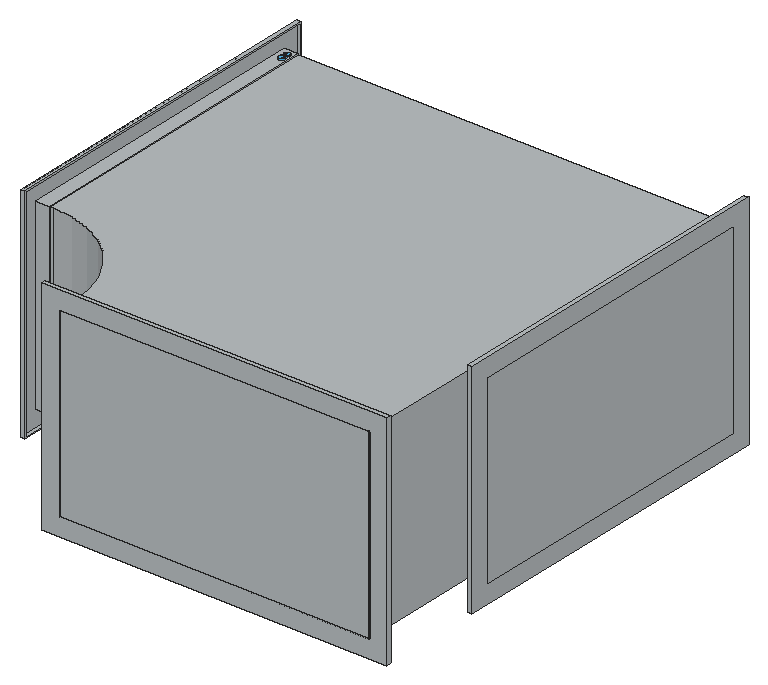
Revit family "NLRS_57_DUF_UN_rechthoekig-radius-T-stuk-inline_nijburg", category Duct Fittings, Revit 2020
Family settings
  Round Connector Dimension = Use Diameter
  Part Type = Tee
  Work Plane-Based = No
  Always vertical = Yes
  Cut with Voids When Loaded = No
  Shared = No
Parameters (values of type "R=170 (std)")
  built-in parameter 1114242 [instance] = 1 = 0  # (empty or 0)
  URL = "https://nijburg-klimaattechniek.nl/oplossingen/rechthoekige-kanalen/"
  Type Comments = ""  # constant formula
  NPR_c03_recht [instance] = 30 mm
  NPR_c02_recht [instance] = 30 mm
  NPR_c01_recht [instance] = 30 mm
  NPR_S3 [instance] = if(NPR_c03_recht < 30 mm, 30 mm, NPR_c03_recht)  # 30 mm
  NPR_S2 [instance] = if(NPR_c02_recht < 30 mm, 30 mm, NPR_c02_recht)  # 30 mm
  NPR_S1 [instance] = if(NPR_c01_recht < 30 mm, 30 mm, NPR_c01_recht)  # 30 mm
  NPR_Radius = 170 mm
  NPR_Luka_m² [instance] = ((NLRS_M_c01_breedte + NLRS_M_c01_hoogte) * 2 * NPR_L1) + ((NLRS_M_c03_breedte + NLRS_M_c03_hoogte) * 2 * (NPR_L2 + (NLRS_M_c02_breedte / 2)))  # 1.888 m²
  NPR_L2 [instance] = NPR_S3 + NPR_Radius  # 200 mm
  NPR_L1 [instance] = NPR_S1 + NPR_Radius + NLRS_M_c03_breedte + NPR_S2  # 730 mm
  NPR_Artikelcode = "RHKV"  # constant formula
  NLRS_M_c03_hoogte [instance] = NLRS_M_c01_hoogte  # 300 mm
  NLRS_M_c03_breedte [instance] = 500 mm
  NLRS_M_c02_hoogte [instance] = NLRS_M_c01_hoogte  # 300 mm
  NLRS_M_c02_breedte [instance] = NLRS_M_c01_breedte  # 500 mm
  NLRS_M_c01_hoogte [instance] = 300 mm
  NLRS_M_c01_breedte [instance] = 500 mm
  NLRS_C_model = Model  # "T-stuk inlne"
  NLRS_C_description = Description  # "Rechthoekig Radius T-stuk inline"
  NLRS_C_content_versie = "1.20.00"  # constant formula
  NLRS_C_content_provider = "Nijburg Klimaattechniek BV"  # constant formula
  NLRS_C_content_datum_gewijzigd = "05-05-2023"  # constant formula
  NLRS_C_content_creator = "J.Feeke"  # constant formula
  Model = "T-stuk inlne"  # constant formula
  Manufacturer = "Nijburg Klimaattechniek BV"  # constant formula
  Description = "Rechthoekig Radius T-stuk inline"  # constant formula
  Default Elevation = 0 mm
  Assembly Code = "57.70"
Types (5, lengths in mm): name | NPR_Radius | NPR_Luka_m² | NPR_L2 | NPR_L1 | NLRS_M_c03_breedte | NLRS_M_c02_breedte | NLRS_M_c01_breedte
  (no name) | 170 | 1.888 m² | 200 | 730 | 500 | 500 | 500
  R=170 (std) | 170 | 1.888 m² | 200 | 730 | 500 | 500 | 500
  R=100 | 100 | 2.952 m² | 130 | 860 | 700 | 800 | 800
  R=120 | 120 | 3.036 m² | 150 | 880 | 700 | 800 | 800
  R=150 | 150 | 3.162 m² | 180 | 910 | 700 | 800 | 800
Reference planes
  plane 1 "Center (Front/Back)": y = 0
  plane 2: z = 0
  plane 3 "Center (Left/Right)": x = 0
  plane 4: y = 250
  plane 5: y = -250
  plane 6: y = -250
  plane 7: y = 250
  plane 8: x = -250
  plane 9: x = 250
  plane 10: y = 0
  plane 11: x = -450
  plane 12: x = 280
  plane 13: y = -450
  plane 14: x = -420
  plane 15: x = 250
  plane 16: y = -420
  plane 17 "Top": z = 150
  plane 18 "Bottom": z = -150
Forms (mm)
  Extrusion 1, solid, material "NLRS_57_sendzimir verzinkt_gen_sacs"
    sketch origin (0, 0, 0) x (1, 0, 0) y (0, 1, 0)
      loop
        line (-450, 250) -> (-450, -250) -> (-420, -250)
        arc (-420, -250) -> (-299.792, -299.792) -> (-250, -420) r 170
        line (-250, -420) -> (-250, -450) -> (250, -450) -> (250, -250) -> (280, -250) -> (280, 250) -> (250, 250) -> (-420, 250) -> (-450, 250)
    from -150 to 150
  Sweep 2, solid, material "NLRS_57_sendzimir verzinkt_gen_sacs"
    path in 3D
      loop
        line (250, -450, 150) -> (250, -450, -150) -> (-250, -450, -150) -> (-250, -450, 150) -> (250, -450, 150)
    profile "DW_Profile : Kanaal" origin (0, -450, 150) x (0, 1, 0) y (0, 0, 1)
      loop
        line (25, 0) -> (25, 1) -> (1, 1) -> (1, 28) -> (7.5, 28) -> (7.5, 29) -> (0, 29) -> (0, 0) -> (25, 0)
  Sweep 3, solid, material "NLRS_57_sendzimir verzinkt_gen_sacs"
    path in 3D
      loop
        line (-450, -250, 150) -> (-450, -250, -150) -> (-450, 250, -150) -> (-450, 250, 150) -> (-450, -250, 150)
    profile "DW_Profile : Kanaal" origin (-450, 0, 150) x (1, 0, 0) y (0, 0, 1)
      loop
        line (25, 0) -> (25, 1) -> (1, 1) -> (1, 28) -> (7.5, 28) -> (7.5, 29) -> (0, 29) -> (0, 0) -> (25, 0)
  Sweep 4, solid, material "NLRS_57_sendzimir verzinkt_gen_sacs"
    path in 3D
      loop
        line (280, 250, 150) -> (280, 250, -150) -> (280, -250, -150) -> (280, -250, 150) -> (280, 250, 150)
    profile "DW_Profile : Kanaal" origin (280, 0, 150) x (-1, 0, 0) y (0, 0, 1)
      loop
        line (25, 0) -> (25, 1) -> (1, 1) -> (1, 28) -> (7.5, 28) -> (7.5, 29) -> (0, 29) -> (0, 0) -> (25, 0)
  Extrusion 5, solid, not visible
    sketch origin (0, 0, 0) x (1, 0, 0) y (0, 1, 0)
      loop
        arc (-2, 2) -> (-4, 0) -> (-2, -2) r 2
        line (-2, -2) -> (-2, 0) -> (0, -2) -> (0, 0) -> (-2, 2)
    from 0 to 2
  Extrusion 6, solid, not visible
    sketch origin (0, 0, 0) x (1, 0, 0) y (0, 1, 0)
      loop
        arc (2, -2) -> (4, 0) -> (2, 2) r 2
        line (2, 2) -> (2, 0) -> (0, 2) -> (0, 0) -> (2, -2)
    from 0 to 2
Lines and regions (mm)
  sketch lines
    curve 1: line (-250, -450, 150) -> (250, -450, 150)
    curve 2: line (-250, -450, 150) -> (-250, -450, -150)
    curve 3: line (250, -450, -150) -> (-250, -450, -150)
    curve 4: line (250, -450, 150) -> (250, -450, -150)
    curve 5: line (-450, 250, 150) -> (-450, -250, 150)
    curve 6: line (-450, -250, 150) -> (-450, -250, -150)
    curve 7: line (-450, -250, -150) -> (-450, 250, -150)
    curve 8: line (-450, 250, 150) -> (-450, 250, -150)
    curve 9: line (280, -250, 150) -> (280, 250, 150)
    curve 10: line (280, 250, 150) -> (280, 250, -150)
    curve 11: line (280, 250, -150) -> (280, -250, -150)
    curve 12: line (280, -250, 150) -> (280, -250, -150)
Dimensions and locks
  equal spacing: plane 7, plane 1 "Center (Front/Back)", plane 6
  equal spacing: plane 8, plane 3 "Center (Left/Right)", plane 9
  equal spacing: plane 4, plane 10, plane 5
  "NPR_S2": plane 15 to plane 12
  "NPR_S1": plane 11 to plane 14
  "NPR_c03_recht": plane 16 to plane 13
  "NPR_Radius": plane 14 to plane 8
  locked: plane 9 to plane 15
  "NPR_L2": plane 5 to plane 13
  "NLRS_M_c03_breedte": plane 8 to plane 9
  "NLRS_M_c01_breedte": plane 7 to plane 6
  "NLRS_M_c02_breedte": plane 4 to plane 5
  "NPR_Radius": plane 6 to plane 16
  equal spacing: plane 17 "Top", level, plane 18 "Bottom"
  "NLRS_M_c01_hoogte": plane 17 "Top" to plane 18 "Bottom"
  locked: plane 11 to nested 2 at 15
  locked: plane 7 to nested 2 at 15
  locked: plane 11 to nested 1 at 15
  locked: plane 7 to nested 1 at 15
  aligned and locked: level to plane 2
  aligned and locked: Extrusion 1 sketch curve to plane 13
  aligned and locked: Extrusion 1 sketch curve to plane 11
  aligned and locked: Extrusion 1 sketch curve to plane 4
  aligned and locked: plane 5 to Extrusion 1 sketch curve
  aligned and locked: Extrusion 1 sketch curve to plane 7
  aligned and locked: Extrusion 1 sketch curve to plane 6
  aligned and locked: plane 8 to Extrusion 1 sketch curve
  aligned and locked: plane 9 to Extrusion 1 sketch curve
  aligned and locked: plane 16 to Extrusion 1 sketch curve
  aligned and locked: plane 14 to Extrusion 1 sketch curve  (x2)
  aligned and locked: plane 15 to Extrusion 1 sketch curve
  aligned and locked: plane 17 "Top" to Extrusion 1
  aligned and locked: Extrusion 1 to plane 18 "Bottom"
Automatic sketch dimensions
  Extrusion 1 sketch curve to plane 12 = 0 mm
  plane 1 "Center (Front/Back)" to Extrusion 5 sketch curve = 0 mm  (x3)
  Extrusion 5 sketch curve to plane 3 "Center (Left/Right)" = 0 mm
  Extrusion 5 sketch curve to plane 3 "Center (Left/Right)" = 2 mm
  Extrusion 5 sketch curve to Extrusion 5 sketch curve = 2 mm
  Extrusion 5 sketch curve to Extrusion 5 sketch curve = 0 mm
  plane 1 "Center (Front/Back)" to Extrusion 6 sketch curve = 0 mm  (x3)
  Extrusion 6 sketch curve to plane 3 "Center (Left/Right)" = 0 mm
  plane 3 "Center (Left/Right)" to Extrusion 6 sketch curve = 2 mm
  plane 1 "Center (Front/Back)" to Extrusion 6 sketch curve = 2 mm
  Extrusion 6 sketch curve to Extrusion 6 sketch curve = 0 mm
Nested families
  nested 1: "logo_single" at (-435, 235, -152) x (0, -1, 0) z (0, 0, 1), type "logo_single"
  nested 2: "logo_single" at (-435, 235, 150) x (0, -1, 0) z (0, 0, 1), type "logo_single"
Connectors
  hvac at (-450, 0, 0), driven by "NLRS_M_c01_hoogte", driven by "NLRS_M_c01_breedte"
    settings: on Extrusion 1, index 1, duct flow 0.0 L/s, flow factor 0, pres drop 0.0 Pa, loss coef 0, conn angle 0.00°, conn width 500 mm, conn height 300 mm, conn diameter 609.6 mm, duct sys type 28, conn prof type 1, flow config 0, flow direction 0, loss method 0, conn ref index 2, conn util no, is conn primary yes, conn desc ""
  hvac at (280, 0, 0), driven by "NLRS_M_c01_hoogte", driven by "NLRS_M_c02_breedte"
    settings: on Extrusion 1, index 2, duct flow 0.0 L/s, flow factor 0, pres drop 0.0 Pa, loss coef 0, conn angle 0.00°, conn width 500 mm, conn height 300 mm, conn diameter 609.6 mm, duct sys type 28, conn prof type 1, flow config 0, flow direction 0, loss method 0, conn ref index 1, conn util no, is conn primary no, conn desc ""
  hvac at (0, -450, 0), driven by "NLRS_M_c01_hoogte", driven by "NLRS_M_c03_breedte"
    settings: on Extrusion 1, index 3, duct flow 0.0 L/s, flow factor 0, pres drop 0.0 Pa, loss coef 0, conn angle 0.00°, conn width 500 mm, conn height 300 mm, conn diameter 609.6 mm, duct sys type 28, conn prof type 1, flow config 0, flow direction 0, loss method 0, conn ref index -1, conn util no, is conn primary no, conn desc ""
Definition of nested family "logo_single"
  Parameters (values of type "logo_single")
    t = 5 mm
    Model = "LOD 400"
    Description = "Model type"
    Default Elevation = 1219.2 mm
  Reference planes
    plane 1 "Center (Front/Back)": y = 0
    plane 2: z = 0
    plane 3 "Center (Left/Right)": x = 0
    plane 4: z = 2
    plane 5: x = -10
    plane 6: y = -5
    plane 7: y = 5
    plane 8: x = -5
    plane 9: x = 5
    plane 10: x = 10
  Forms (mm)
    Extrusion 1, solid
      sketch origin (-547.644, -297.937, 0) x (1, 0, 0) y (0, 1, 0)
        loop
          arc (542.644, 302.937) -> (537.644, 297.937) -> (542.644, 292.937) r 5
          line (542.644, 292.937) -> (542.644, 297.937) -> (547.644, 292.937) -> (547.644, 297.937) -> (542.644, 302.937)
      from 0 to 2
    Extrusion 2, solid
      sketch origin (0, 0, 0) x (1, 0, 0) y (0, 1, 0)
        loop
          arc (5, -5) -> (10, 0) -> (5, 5) r 5
          line (5, 5) -> (5, 0) -> (0, 5) -> (0, 0) -> (5, -5)
      from 0 to 2
  Dimensions and locks
    "t": plane 7 to plane 1 "Center (Front/Back)"
    "t": plane 6 to plane 1 "Center (Front/Back)"
    "t": plane 5 to plane 8
    "t": plane 8 to plane 3 "Center (Left/Right)"
    "t": plane 3 "Center (Left/Right)" to plane 9
    "t": plane 9 to plane 10
    aligned and locked: level to plane 2
    aligned and locked: plane 4 to Extrusion 1
  Automatic sketch dimensions
    plane 1 "Center (Front/Back)" to Extrusion 1 sketch curve = 0 mm  (x3)
    Extrusion 1 sketch curve to plane 8 = 0 mm
    Extrusion 1 sketch curve to plane 7 = 0 mm
    Extrusion 1 sketch curve to plane 3 "Center (Left/Right)" = 0 mm
    Extrusion 1 sketch curve to plane 6 = 0 mm
    Extrusion 2 sketch curve to plane 3 "Center (Left/Right)" = 0 mm
    plane 1 "Center (Front/Back)" to Extrusion 2 sketch curve = 0 mm  (x3)
    Extrusion 2 sketch curve to plane 6 = 0 mm
    Extrusion 2 sketch curve to plane 9 = 0 mm
    Extrusion 2 sketch curve to plane 7 = 0 mm
